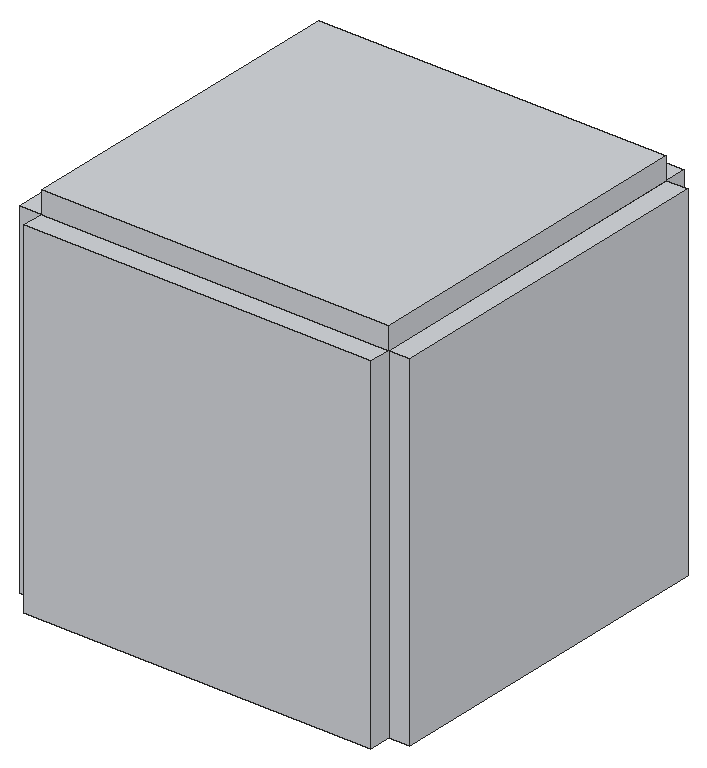
Revit family "Box Union", category Duct Fittings, Revit 2025
Family settings
  Round Connector Dimension = Use Diameter
  Part Type = Tee
  OmniClass Number = 23.75.70.14
  OmniClass Title = Air Ductwork
  Work Plane-Based = No
  Always vertical = Yes
  Cut with Voids When Loaded = No
  Shared = No
Parameters (values of type "Standard")
  Width' [instance] = Width / 2  # 8"
  Width [instance] = 16"
  X [instance] = 1"
  Top [instance] = yes
  Right [instance] = yes
  Left [instance] = yes
  Height' [instance] = Height / 2  # 8"
  Height [instance] = 16"
  Front [instance] = yes
  Depth' [instance] = Depth / 2  # 8"
  Depth [instance] = 16"
  Default Elevation = 0"
  Back [instance] = yes
Reference planes (in)
  plane 1 "Center (Front/Back)": y = 0
  plane 2: z = 0
  plane 3 "Center (Left/Right)": x = 0
  plane 4: z = 16
Forms (in)
  Extrusion 1, solid
    sketch origin (0, 0, 0) x (1, 0, 0) y (0, 1, 0)
      loop
        line (-8, 8) -> (-8, -8) -> (8, -8) -> (8, 8) -> (-8, 8)
    from 0 to 16
  Extrusion 2, solid, visible <- "Front"
    sketch origin (0, 0, 0) x (1, 0, 0) y (0, 1, 0)
      loop
        line (-8, 9) -> (-8, 8) -> (8, 8) -> (8, 9) -> (-8, 9)
    from 0 to 16
  Extrusion 3, solid, visible <- "Left"
    sketch origin (0, 0, 0) x (1, 0, 0) y (0, 1, 0)
      loop
        line (-8, -8) -> (-8, 8) -> (-9, 8) -> (-9, -8) -> (-8, -8)
    from 0 to 16
  Extrusion 4, solid, visible <- "Back"
    sketch origin (0, 0, 0) x (1, 0, 0) y (0, 1, 0)
      loop
        line (-8, -8) -> (-8, -9) -> (8, -9) -> (8, -8) -> (-8, -8)
    from 0 to 16
  Extrusion 5, solid, visible <- "Right"
    sketch origin (0, 0, 0) x (1, 0, 0) y (0, 1, 0)
      loop
        line (8, 8) -> (8, -8) -> (9, -8) -> (9, 8) -> (8, 8)
    from 0 to 16
  Extrusion 6, solid, visible <- "Top"
    sketch origin (0, 0, 0) x (1, 0, 0) y (0, 1, 0)
      loop
        line (-8, 8) -> (-8, -8) -> (8, -8) -> (8, 8) -> (-8, 8)
    from 16 to 17
Dimensions and locks (in)
  equal spacing: Extrusion 1 sketch curve, plane 3 "Center (Left/Right)", Extrusion 1 sketch curve
  equal spacing: Extrusion 1 sketch curve, plane 1 "Center (Front/Back)", Extrusion 1 sketch curve
  "Width": Extrusion 1 sketch curve to Extrusion 1 sketch curve
  "Depth": Extrusion 1 sketch curve to Extrusion 1 sketch curve
  "Height": plane 4 to plane 2
  equal spacing: Extrusion 3 sketch curve, plane 1 "Center (Front/Back)", Extrusion 3 sketch curve
  "Depth": Extrusion 3 sketch curve to Extrusion 3 sketch curve
  "Width'": Extrusion 3 sketch curve to plane 3 "Center (Left/Right)"
  "X": Extrusion 3 sketch curve to Extrusion 1
  equal spacing: Extrusion 4 sketch curve, plane 3 "Center (Left/Right)", Extrusion 4 sketch curve
  "X": Extrusion 4 sketch curve to Extrusion 4 sketch curve
  "Depth'": Extrusion 4 sketch curve to plane 1 "Center (Front/Back)"
  "X": Extrusion 5 sketch curve to Extrusion 5 sketch curve
  equal spacing: Extrusion 5 sketch curve, plane 1 "Center (Front/Back)", Extrusion 5 sketch curve
  "Width'": plane 3 "Center (Left/Right)" to Extrusion 5 sketch curve
  "Depth": Extrusion 5 sketch curve to Extrusion 5 sketch curve
  "Width": Extrusion 4 sketch curve to Extrusion 4 sketch curve
  equal spacing: Extrusion 6 sketch curve, plane 3 "Center (Left/Right)", Extrusion 6 sketch curve
  equal spacing: Extrusion 6 sketch curve, plane 1 "Center (Front/Back)", Extrusion 6 sketch curve
  "Width": Extrusion 6 sketch curve to Extrusion 6 sketch curve
  "Depth": Extrusion 6 sketch curve to Extrusion 6 sketch curve
  "X": Extrusion 6 to plane 4
  "Depth'": Extrusion 2 sketch curve to plane 1 "Center (Front/Back)"
  "X": Extrusion 2 sketch curve to Extrusion 2 sketch curve
  equal spacing: Extrusion 2 sketch curve, plane 3 "Center (Left/Right)", Extrusion 2 sketch curve
  "Width": Extrusion 2 sketch curve to Extrusion 2 sketch curve
  aligned and locked: plane 4 to Extrusion 1
  aligned and locked: plane 4 to Extrusion 4
  aligned and locked: plane 4 to Extrusion 2
  aligned and locked: plane 4 to Extrusion 5
  aligned and locked: plane 4 to Extrusion 3
  aligned and locked: Extrusion 6 to plane 4
Connectors (in)
  hvac at (0, -9, 8), driven by "Height", driven by "Width"
    settings: on Extrusion 4, index 3, duct flow 0 CFM, flow factor 0, pres drop 0.00 in-wg, loss coef 0, conn angle 0.00°, conn width 16", conn height 16", conn diameter 24", duct sys type 28, conn prof type 1, flow config 0, flow direction 0, loss method 0, conn ref index -1, conn util no, is conn primary yes, conn desc ""
  hvac at (9, 0, 8), driven by "Height", driven by "Width"
    settings: on Extrusion 5, index 4, duct flow 0 CFM, flow factor 0, pres drop 0.00 in-wg, loss coef 0, conn angle 0.00°, conn width 16", conn height 16", conn diameter 24", duct sys type 28, conn prof type 1, flow config 0, flow direction 0, loss method 0, conn ref index -1, conn util no, is conn primary no, conn desc ""
  hvac at (0, 9, 8), driven by "Height", driven by "Width"
    settings: on Extrusion 2, index 5, duct flow 0 CFM, flow factor 0, pres drop 0.00 in-wg, loss coef 0, conn angle 0.00°, conn width 16", conn height 16", conn diameter 24", duct sys type 28, conn prof type 1, flow config 0, flow direction 0, loss method 0, conn ref index -1, conn util no, is conn primary no, conn desc ""
  hvac at (-9, 0, 8), driven by "Height", driven by "Width"
    settings: on Extrusion 3, index 6, duct flow 0 CFM, flow factor 0, pres drop 0.00 in-wg, loss coef 0, conn angle 0.00°, conn width 16", conn height 16", conn diameter 24", duct sys type 28, conn prof type 1, flow config 0, flow direction 0, loss method 0, conn ref index -1, conn util no, is conn primary no, conn desc ""
  hvac at (0, 0, 17), driven by "Depth", driven by "Width"
    settings: on Extrusion 6, index 7, duct flow 0 CFM, flow factor 0, pres drop 0.00 in-wg, loss coef 0, conn angle 0.00°, conn width 16", conn height 16", conn diameter 24", duct sys type 28, conn prof type 1, flow config 0, flow direction 0, loss method 0, conn ref index -1, conn util no, is conn primary no, conn desc ""
